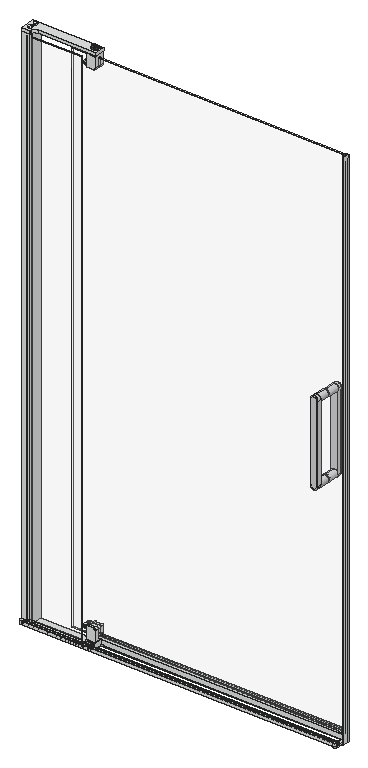
Revit family "Shower-Shower_Door-KOHLER-Revel-K-707546_1", category Specialty Equipment, host Face, Revit 2022
Family settings
  Host = Face
  Round Connector Dimension = Use Diameter
  Part Type = Normal
  OmniClass Number = 23.31.17.17
  OmniClass Title = Shower Enclosures
  Cut with Voids When Loaded = No
  Maintain Annotation Orientation = No
  Shared = No
  Room Calculation Point = No
Parameters (values of type "Clear Glass, SHP-Bright Polished Silver")
  Width [instance] = 8.18898" + Walk Thru + 1.5748"  # 44.01378"
  WaterSense Certified = 1 = 0  # no
  Walk Thru [instance] = 34 1/4"
  URL = "https://www.us.kohler.com/us/"
  Type = 3
  Secondary Finish = Kohler-Glass-L-Crystal_Clear
  Product Page URL = "http://www.us.kohler.com/us/catalog/productDetails.jsp?productId=707546-L"
  Product Name = "Revel"  # constant formula
  Product Documentation Link = "https://www.us.kohler.com/webassets/kpna/catalog/pdf/en/K-707546-L_spec_US-CA_Kohler_en.pdf"
  Model = if(Type = 1, "K-707546-L-ABZ", if(Type = 2, "K-707546-L-BNK", if(Type = 3, "K-707546-L-SHP", if(Type = 4, "K-707546-D3-ABZ", if(Type = 5, "K-707546-D3-BNK", if(Type = 6, "K-707546-D3-SHP", "NA"))))))  # "K-707546-L-SHP"
  Material = "Premium Metal Construction"  # constant formula
  Master Format 2014 Name = "Shower Doors"  # constant formula
  Master Format 2014 = "10 28 19.16"  # constant formula
  Manufacturer Address = "444 Highland Dr, Kohler, WI 53044"  # constant formula
  Manufacturer = "Kohler Co."  # constant formula
  Length = 4 7/64"  # constant formula
  Height = 74.01575"  # constant formula
  Handle Finish = Kohler-Metal-CP-Polished_Chrome
  Finish = Kohler-Metal-SHP-Bright_Polished_Silver
  Environmental Product Declaration = ""
  Description = if(or(Type < 4), "Pivot shower door, 74 inch H x 39-1/8 - 44 inch W, with 5/16 inch thick Crystal Clear glass", "Pivot shower door, 74 inch H x 39-1/8 - 44 inch W, with 5/16 inch thick Frosted glass")  # "Pivot shower door, 74 inch H x 39-1/8 - 44 inch W, with 5/16 inch thick Crystal Clear glass"
  Default Elevation = 4"
  Declare Label = ""
  Date Modified = "06/22/2022"  # constant formula
  Date Created = "06/22/2022"  # constant formula
  Copyright = "Copyright Kohler Co."  # constant formula
  Contact Us = "https://www.us.kohler.com/us/static/contact.jsp"
  Assembly Code = "C1030200"
  ADA Compliant = 1 = 0  # no
Reference planes (in)
  plane 1 "Center (Front/Back)": y = 0
  plane 2: z = 0
  plane 3 "Center (Left/Right)": x = 0
  plane 4: y = 2.10994
  plane 5: y = 0.71149
  plane 6: y = -1.5326
  plane 7: x = -8.29527
  plane 8: y = 0.32149
  plane 9: y = -1.99943
  plane 10: y = -0.55188
  plane 11: x = -15.84581
  plane 12: z = 74.01575
  plane 13: z = 74.38016
  plane 14: z = 73.13257
  plane 15: z = 72.11625
  plane 16: z = 42.95276
  plane 17: z = 42.46063
  plane 18: z = 31.83071
  plane 19: z = 31.33858
  plane 20: z = 2.1635
  plane 21: z = 0.62992
  plane 22: x = -16.48425
  plane 23: x = -6.72047
  plane 24: x = 27.52953
  plane 25: x = 27.14921
  plane 26: z = 72.6811
  plane 27: x = 27.03099
  plane 28: x = 24.57624
Dimensions and locks (in)
  plane 7 to plane 3 "Center (Left/Right)" = 8.29527"
  "Height": plane 12 to level
  "Length": plane 4 to plane 9
  locked: plane 23 to plane 3 "Center (Left/Right)" at 6.72047
  "Walk Thru": plane 23 to plane 24
  locked: plane 27 to plane 24 at 0.49854
  locked: plane 24 to plane 25 at 0.38032
  locked: plane 28 to plane 24 at 2.95329
  plane 19 to level = 31.33858"
  locked: plane 16 to plane 19 at 11.61417
  plane 7 to plane 22 = 8.18898"
  locked: plane 11 to plane 22 at 0.63844
  "Width": plane 24 to plane 22
  locked: plane 13 to plane 12 at 0.36441
  locked: plane 12 to plane 14 at 0.88318
  locked: plane 14 to plane 15 at 1.01632
  locked: plane 18 to plane 19 at 0.49213
  locked: plane 16 to plane 17 at 0.49213
  aligned and locked: plane 2 to host face
  aligned and locked: level to host face
  aligned and locked: plane 3 "Center (Left/Right)" to nested 1
Automatic sketch dimensions
  host sketch curve to host sketch curve = 96"  (x2)
Nested families (in)
  nested 1: "K-707546" at (0, 0, 0), type "K-707546"
Definition of nested family "K-707546"
  Parameters (values of type "K-707546")
    Width = Walk Thru + Distance + 1.5748"  # 44.01575"
    Walk Thru = 34.25197"
    Material = none
    Height = 74.01575"
    Handle Material = none
    Handle Height = 31.33858"
    Glass Material = none
    Distance = 8.18898"
    Default Elevation = 0"
  Reference planes (in)
    plane 1 "Center (Front/Back)": y = 0
    plane 2: z = 0
    plane 3 "Center (Left/Right)": x = 0
    plane 4: x = -16.48425
    plane 5: x = -8.29527
    plane 6 "K": x = 24.5782
    plane 7: z = 74.01575
    plane 8: z = 73.66142
    plane 9 "D": z = 72.11625
    plane 10: z = 31.33858
    plane 11: z = 42.95276
    plane 12: y = 2.10994
    plane 13: y = -1.99772
    plane 14: y = 0.71149
    plane 15: y = -1.5326
    plane 16: z = 0.62992
    plane 17: z = 73.13257
    plane 18: x = -15.84363
    plane 19 "A": y = -0.55188
    plane 20 "B": y = 0.32149
    plane 21 "C": z = 2.1635
    plane 22: z = 72.93572
    plane 23: z = 72.68188
    plane 24: z = 42.46063
    plane 25: z = 31.83071
    plane 26: z = 74.38016
    plane 27: x = -6.72047
    plane 28: x = 27.5315
    plane 29: x = 26.88976
    plane 30: x = 27.38976
    plane 31: x = 27.03295
    plane 32: x = -7.40614
  Forms (in)
    Extrusion 1, solid, material <- "Material", detail levels medium+fine
      sketch origin (0, 0, 0) x (0, 1, 0) y (0, 0, 1)
        loop
          line (-0.27623, 0) -> (0.59855, 0)
          arc (0.59855, 0) -> (0.62415, 0.0106) -> (0.63475, 0.0362) r 0.0362
          line (0.63475, 0.0362) -> (0.63475, 0.21702)
          arc (0.63475, 0.21702) -> (0.62509, 0.24034) -> (0.60177, 0.25) r 0.03298
          line (0.60177, 0.25) -> (-1.2883, 0.25)
          arc (-1.2883, 0.25) -> (-1.3314, 0.26785) -> (-1.34925, 0.31095) r 0.06095
          line (-1.34925, 0.31095) -> (-1.34925, 0.48)
          arc (-1.34925, 0.48) -> (-1.40675, 0.5375) -> (-1.46425, 0.48) r 0.0575
          line (-1.46425, 0.48) -> (-1.46425, 0.26417)
          arc (-1.46425, 0.26417) -> (-1.42954, 0.17607) -> (-1.34408, 0.1353) r 0.12919
          line (-1.34408, 0.1353) -> (-0.30312, 0.06251) -> (-0.30312, 0.0269)
          arc (-0.30312, 0.0269) -> (-0.29525, 0.00788) -> (-0.27623, 0) r 0.0269
      from -16.48425 to -8.02475
    Extrusion 2, solid, material <- "Material", detail levels medium+fine
      sketch origin (0, 0, 0) x (0, 1, 0) y (0, 0, 1)
        loop
          line (-1.46425, 0.06988) -> (-0.33625, -0.00012) -> (-0.33625, 0.06) -> (-1.46425, 0.13) -> (-1.46425, 0.565) -> (-1.33425, 0.565) -> (-1.33425, 0.368)
          arc (-1.33425, 0.368) -> (-1.30425, 0.338) -> (-1.27425, 0.368) r 0.03
          line (-1.27425, 0.368) -> (-1.27425, 0.60686)
          arc (-1.27425, 0.60686) -> (-1.281, 0.62317) -> (-1.29731, 0.62992) r 0.02306
          line (-1.29731, 0.62992) -> (-1.50695, 0.62992)
          arc (-1.50695, 0.62992) -> (-1.52509, 0.62241) -> (-1.5326, 0.60427) r 0.02565
          line (-1.5326, 0.60427) -> (-1.5326, 0) -> (-1.48411, 0)
          arc (-1.48411, 0) -> (-1.47007, 0.00582) -> (-1.46425, 0.01986) r 0.01986
          line (-1.46425, 0.01986) -> (-1.46425, 0.06988)
      from -16.48425 to 27.38976
    Extrusion 3, solid, material <- "Material", detail levels medium+fine
      sketch origin (0, 0, 0) x (0, 1, 0) y (0, 0, 1)
        loop
          line (-1.23023, 0.67187) -> (-1.54853, 0.67187)
          arc (-1.54853, 0.67187) -> (-1.56451, 0.66526) -> (-1.57112, 0.64928) r 0.0226
          line (-1.57112, 0.64928) -> (-1.57112, 0.03588)
          arc (-1.57112, 0.03588) -> (-1.55186, 0.01661) -> (-1.5326, 0.03588) r 0.01926
          line (-1.5326, 0.03588) -> (-1.5326, 0.62992) -> (-1.25863, 0.62992) -> (-1.25862, 0.15799)
          arc (-1.25862, 0.15799) -> (-1.25033, 0.13693) -> (-1.22989, 0.12718) r 0.03089
          line (-1.22989, 0.12718) -> (-0.30312, 0.06237) -> (-0.30312, 0.02652)
          arc (-0.30312, 0.02652) -> (-0.29532, 0.00768) -> (-0.27648, -0.00013) r 0.02664
          line (-0.27648, -0.00013) -> (0.27012, -0.00013)
          arc (0.27012, -0.00013) -> (0.29328, 0.00947) -> (0.30288, 0.03263) r 0.03275
          line (0.30288, 0.03263) -> (0.30288, 0.20868)
          arc (0.30288, 0.20868) -> (0.29449, 0.22892) -> (0.27425, 0.23731) r 0.02863
          line (0.27425, 0.23731) -> (-1.17024, 0.23731)
          arc (-1.17024, 0.23731) -> (-1.19827, 0.24892) -> (-1.20987, 0.27694) r 0.03964
          line (-1.20987, 0.27694) -> (-1.20987, 0.65152)
          arc (-1.20987, 0.65152) -> (-1.21584, 0.66591) -> (-1.23023, 0.67187) r 0.02036
      from 27.38976 to 26.88976
    Extrusion 4, solid, material <- "Material", detail levels medium+fine
      sketch origin (0, 0, 0) x (1, 0, 0) y (0, 1, 0)
        loop
          line (-16.48425, -1.27425) -> (-15.36279, -1.27425) -> (-15.36279, -1.0745) -> (-15.92325, -1.0745)
          arc (-15.92325, -1.0745) -> (-15.95325, -0.95875) -> (-15.92325, -0.843) r 0.2383
          line (-15.92325, -0.843) -> (-15.359, -0.843) -> (-15.359, 0.64608) -> (-16.48425, 0.64608) -> (-16.48425, 0.5658) -> (-16.42405, 0.5658) -> (-16.42405, 0.2641) -> (-16.48425, 0.2641) -> (-16.48425, 0.19996) -> (-16.42405, 0.19996) -> (-16.42405, -0.42903) -> (-16.48425, -0.42903) -> (-16.48425, -0.49326) -> (-16.42405, -0.49326) -> (-16.42405, -1.21125) -> (-16.48425, -1.21125) -> (-16.48425, -1.27425)
      from 0.25 to 73.66142
    Extrusion 5, solid, material <- "Glass Material"
      sketch origin (0, 0, 0) x (1, 0, 0) y (0, 1, 0)
        loop
          arc (-15.92325, -0.843) -> (-15.95325, -0.95875) -> (-15.92325, -1.0745) r 0.2383
          line (-15.92325, -1.0745) -> (-8.32527, -1.0745)
          arc (-8.32527, -1.0745) -> (-8.29527, -0.95875) -> (-8.32527, -0.843) r 0.2383
          line (-8.32527, -0.843) -> (-15.92325, -0.843)
      from 0.625 to 73.13257
    Extrusion 6, solid, material <- "Material"
      sketch origin (0, 0, 0) x (1, 0, 0) y (0, 1, 0)
        loop
          line (-16.48425, -1.33251) -> (-15.3867, -1.33251)
          arc (-15.3867, -1.33251) -> (-15.3224, -1.30588) -> (-15.29577, -1.24158) r 0.09093
          line (-15.29577, -1.24158) -> (-15.29577, -1.16731)
          arc (-15.29577, -1.16731) -> (-15.14469, -0.80256) -> (-14.77993, -0.65147) r 0.51584
          line (-14.77993, -0.65147) -> (-6.73991, -0.65147) -> (-6.73991, 0.71149) -> (-16.48425, 0.71149) -> (-16.48425, -1.33251)
      from 73.66142 to 74.01575
    Revolve 7, solid, detail levels medium+fine
      sketch origin (0, -0.55188, 0) x (0, 0, 1) y (-1, 0, 0)
        loop
          line (74.01575, 15.84363) -> (74.19327, 15.84363)
          arc (74.19327, 15.84363) -> (74.1544, 15.98634) -> (74.04852, 16.08963) r 0.2814
          line (74.04852, 16.08963) -> (74.01575, 16.08963) -> (74.01575, 15.84363)
        axis (74.01575, 15.84363) -> (74.19327, 15.84363)
      angle from 0 to 360
    Revolve 8, solid, detail levels medium+fine
      sketch origin (0, 0.32149, 0) x (0, 0, -1) y (-1, 0, 0)
        loop
          line (-74.01575, 15.84363) -> (-74.01575, 16.08963) -> (-74.04852, 16.08963)
          arc (-74.04852, 16.08963) -> (-74.1544, 15.98634) -> (-74.19327, 15.84363) r 0.2814
          line (-74.19327, 15.84363) -> (-74.01575, 15.84363)
        axis (-74.19327, 15.84363) -> (-74.01575, 15.84363)
      angle from 0 to 360
    Extrusion 9, solid, material <- "Material", detail levels medium+fine
      sketch origin (0, 0, 0) x (0, 1, 0) y (0, 0, 1)
        loop
          line (0.63475, 0) -> (0.63475, 0.625) -> (-0.72263, 0.625)
          arc (-0.72263, 0.625) -> (-0.75489, 0.61164) -> (-0.76825, 0.57938) r 0.04562
          line (-0.76825, 0.57938) -> (-0.76825, 0.31091)
          arc (-0.76825, 0.31091) -> (-0.78609, 0.26784) -> (-0.82916, 0.25) r 0.06091
          line (-0.82916, 0.25) -> (-1.10552, 0.25)
          arc (-1.10552, 0.25) -> (-1.13786, 0.26339) -> (-1.15125, 0.29573) r 0.04573
          line (-1.15125, 0.29573) -> (-1.15125, 0.59003)
          arc (-1.15125, 0.59003) -> (-1.16149, 0.61476) -> (-1.18622, 0.625) r 0.03497
          line (-1.18622, 0.625) -> (-1.24534, 0.625)
          arc (-1.24534, 0.625) -> (-1.2672, 0.61595) -> (-1.27625, 0.59409) r 0.03091
          line (-1.27625, 0.59409) -> (-1.27625, 0.312)
          arc (-1.27625, 0.312) -> (-1.31275, 0.2755) -> (-1.34925, 0.312) r 0.0365
          line (-1.34925, 0.312) -> (-1.34925, 0.48)
          arc (-1.34925, 0.48) -> (-1.40675, 0.5375) -> (-1.46425, 0.48) r 0.0575
          line (-1.46425, 0.48) -> (-1.46425, 0.26028)
          arc (-1.46425, 0.26028) -> (-1.43067, 0.17503) -> (-1.34797, 0.13559) r 0.125
          line (-1.34797, 0.13559) -> (-0.30275, 0.0625) -> (-0.30275, 0.03125)
          arc (-0.30275, 0.03125) -> (-0.2936, 0.00915) -> (-0.2715, 0) r 0.03125
          line (-0.2715, 0) -> (0.63475, 0)
      from -6.76525 to -8.02475
    Extrusion 10, solid, material <- "Material"
      sketch origin (0, 0, 0) x (1, 0, 0) y (0, 0, 1)
        loop
          arc (-6.80462, 0.7535) -> (-6.77678, 0.76503) -> (-6.76525, 0.79287) r 0.03937
          line (-6.76525, 0.79287) -> (-6.76525, 2.20243)
          arc (-6.76525, 2.20243) -> (-6.83527, 2.37148) -> (-7.00432, 2.4415) r 0.23907
          line (-7.00432, 2.4415) -> (-7.77509, 2.4415)
          arc (-7.77509, 2.4415) -> (-7.94491, 2.37116) -> (-8.01525, 2.20134) r 0.24016
          line (-8.01525, 2.20134) -> (-8.01525, 0.79202)
          arc (-8.01525, 0.79202) -> (-8.00397, 0.76478) -> (-7.97673, 0.7535) r 0.03852
          line (-7.97673, 0.7535) -> (-6.80462, 0.7535)
      from -0.699 to 0.6555
    Extrusion 11, void
      sketch origin (0, 0, 0) x (0, 1, 0) y (0, 0, 1)
        loop
          line (-0.223, 1.0975) -> (0.277, 1.0975) -> (0.277, 2.6723) -> (-0.223, 2.6723) -> (-0.223, 1.0975)
      from -8.374 to -5.62598
    Extrusion 12, solid
      sketch origin (0, 0, 0) x (1, 0, 0) y (0, 0, 1)
        loop
          line (-6.78494, 1.0975) -> (-6.78494, 2.20243)
          arc (-6.78494, 2.20243) -> (-6.84919, 2.35756) -> (-7.00432, 2.42181) r 0.21938
          line (-7.00432, 2.42181) -> (-7.77509, 2.42181)
          arc (-7.77509, 2.42181) -> (-7.93099, 2.35724) -> (-7.99556, 2.20134) r 0.22047
          line (-7.99556, 2.20134) -> (-7.99556, 1.0975) -> (-6.78494, 1.0975)
      from -0.277 to 0.223
    Revolve 13, solid, material <- "Material"
      sketch origin (0, 0, 2.1635) x (0, -1, 0) y (1, 0, 0)
        loop
          line (0.3524, -8.32761) -> (-0.39049, -8.32761) -> (-0.39049, -8.59986)
          arc (-0.39049, -8.59986) -> (-0.37874, -8.62823) -> (-0.35037, -8.63998) r 0.04012
          line (-0.35037, -8.63998) -> (-0.17426, -8.63998) -> (-0.17426, -8.59632) -> (-0.13508, -8.59632) -> (-0.13508, -8.48472) -> (0.097, -8.48472) -> (0.097, -8.59632) -> (0.13617, -8.59632) -> (0.13617, -8.63998) -> (0.31228, -8.63998)
          arc (0.31228, -8.63998) -> (0.34065, -8.62823) -> (0.3524, -8.59986) r 0.04012
          line (0.3524, -8.59986) -> (0.3524, -8.32761)
        axis (0.3524, -8.32761) -> (-0.39049, -8.32761)
      angle from 0 to 360
    Extrusion 14, solid, detail levels medium+fine
      sketch origin (0, 0, 0) x (1, 0, 0) y (0, 0, 1)
        loop
          circle (-7.07775, 1.5975) r 0.18898
        loop
          line (-7.07775, 1.72346) -> (-7.18683, 1.66048) -> (-7.18683, 1.53452) -> (-7.07775, 1.47154) -> (-6.96867, 1.53452) -> (-6.96867, 1.66048) -> (-7.07775, 1.72346)
        loop
          circle (-7.70273, 1.5975) r 0.18898
        loop
          line (-7.70273, 1.72346) -> (-7.81181, 1.66048) -> (-7.81181, 1.53452) -> (-7.70273, 1.47154) -> (-7.59364, 1.53452) -> (-7.59364, 1.66048) -> (-7.70273, 1.72346)
      from -0.64608 to -0.74844
    Revolve 15, solid, material <- "Material"
      sketch origin (0, 0, 72.11625) x (0, -1, 0) y (1, 0, 0)
        loop
          line (0.34548, -8.29527) -> (-0.39741, -8.29527) -> (-0.39741, -8.56752)
          arc (-0.39741, -8.56752) -> (-0.38566, -8.59589) -> (-0.35729, -8.60764) r 0.04012
          line (-0.35729, -8.60764) -> (-0.18118, -8.60764) -> (-0.18118, -8.56398) -> (-0.14201, -8.56398) -> (-0.14201, -8.45238) -> (0.09007, -8.45238) -> (0.09007, -8.56398) -> (0.12925, -8.56398) -> (0.12925, -8.60764) -> (0.30536, -8.60764)
          arc (0.30536, -8.60764) -> (0.33373, -8.59589) -> (0.34548, -8.56752) r 0.04012
          line (0.34548, -8.56752) -> (0.34548, -8.29527)
        axis (0.34548, -8.29527) -> (-0.39741, -8.29527)
      angle from 0 to 360
    Extrusion 16, solid, material <- "Material"
      sketch origin (0, 0, 0) x (0, 1, 0) y (0, 0, 1)
        loop
          arc (-0.097, 1.35312) -> (-0.11537, 1.37299) -> (-0.13662, 1.35624) r 0.01993
          line (-0.13662, 1.35624) -> (-0.1776, 1.0975) -> (0.20316, 1.0975) -> (0.20316, 1.33432)
          arc (0.20316, 1.33432) -> (0.2165, 1.35338) -> (0.23898, 1.34737) r 0.02029
          arc (0.23898, 1.34737) -> (0.2829, 1.29668) -> (0.32829, 1.24731) r 2.26458
          arc (0.32829, 1.24731) -> (0.34709, 1.18966) -> (0.31434, 1.13863) r 0.07073
          arc (0.31434, 1.13863) -> (0.33971, 1.11534) -> (0.37309, 1.12379) r 0.03623
          arc (0.37309, 1.12379) -> (0.42824, 1.15633) -> (0.49187, 1.16351) r 0.15339
          arc (0.49187, 1.16351) -> (0.52099, 1.19696) -> (0.4952, 1.23303) r 0.03577
          arc (0.4952, 1.23303) -> (0.28695, 1.37387) -> (0.20068, 1.61001) r 0.4083
          arc (0.20068, 1.61001) -> (0.17922, 1.64919) -> (0.135, 1.65554) r 0.04994
          line (0.135, 1.65554) -> (0.135, 1.1775)
          arc (0.135, 1.1775) -> (0.019, 1.1475) -> (-0.097, 1.1775) r 0.23927
          line (-0.097, 1.1775) -> (-0.097, 1.35312)
        loop
          line (0.25206, 1.15842) -> (0.26168, 0.02414)
          arc (0.26168, 0.02414) -> (0.28259, 0.00002) -> (0.30569, 0.02205) r 0.02205
          line (0.30569, 0.02205) -> (0.30569, 1.15843)
          arc (0.30569, 1.15843) -> (0.27885, 1.25716) -> (0.25206, 1.15842) r 0.05301
      from -6.76525 to 27.03295
    Extrusion 17, solid, material <- "Material", detail levels medium+fine
      sketch origin (0, 0.32149, 0) x (0, 0, -1) y (-1, 0, 0)
        loop
          arc (-73.49422, 8.033) -> (-73.5177, 8.02327) -> (-73.52743, 7.99979) r 0.03321
          line (-73.52743, 7.99979) -> (-73.52743, 6.8125)
          arc (-73.52743, 6.8125) -> (-73.5177, 6.78902) -> (-73.49422, 6.77929) r 0.03321
          line (-73.49422, 6.77929) -> (-72.08933, 6.77929)
          arc (-72.08933, 6.77929) -> (-71.91084, 6.85322) -> (-71.83691, 7.03171) r 0.25241
          line (-71.83691, 7.03171) -> (-71.83691, 7.78058)
          arc (-71.83691, 7.78058) -> (-71.91084, 7.95907) -> (-72.08933, 8.033) r 0.25241
          line (-72.08933, 8.033) -> (-73.49422, 8.033)
      from -0.97296 to 0.37751
    Extrusion 18, void
      sketch origin (0, 0, 0) x (0, 1, 0) y (0, 0, 1)
        loop
          line (-0.22762, 71.71778) -> (0.23512, 71.71778) -> (0.23512, 73.22772) -> (-0.22762, 73.22772) -> (-0.22762, 71.71778)
      from -8.32527 to -6.37881
    Extrusion 19, solid, detail levels medium+fine
      sketch origin (0, 0, 0) x (1, 0, 0) y (0, 0, 1)
        loop
          line (-7.78058, 71.8566) -> (-7.03171, 71.8566)
          arc (-7.03171, 71.8566) -> (-6.86714, 71.92476) -> (-6.79898, 72.08933) r 0.23273
          line (-6.79898, 72.08933) -> (-6.79898, 73.22772) -> (-8.01331, 73.22772) -> (-8.01331, 72.08933)
          arc (-8.01331, 72.08933) -> (-7.94515, 71.92476) -> (-7.78058, 71.8566) r 0.23273
      from -0.23512 to 0.22762
    Extrusion 20, solid, material <- "Glass Material"
      sketch origin (0, 0, 0) x (1, 0, 0) y (0, 1, 0)
        loop
          arc (27.33209, -0.1605) -> (27.38694, -0.00425) -> (27.33209, 0.152) r 0.25
          line (27.33209, 0.152) -> (-10.36891, 0.152)
          arc (-10.36891, 0.152) -> (-10.42375, -0.00425) -> (-10.36891, -0.1605) r 0.25
          line (-10.36891, -0.1605) -> (27.33209, -0.1605)
      from 1.0975 to 73.13257
    Extrusion 21, solid, detail levels medium+fine
      sketch origin (0, 0, 0) x (1, 0, 0) y (0, 0, 1)
        loop
          circle (-7.09313, 72.6861) r 0.18898
        loop
          line (-7.09313, 72.81206) -> (-7.20221, 72.74908) -> (-7.20221, 72.62312) -> (-7.09313, 72.56014) -> (-6.98404, 72.62312) -> (-6.98404, 72.74908) -> (-7.09313, 72.81206)
        loop
          circle (-7.71992, 72.6861) r 0.18898
        loop
          line (-7.71992, 72.81206) -> (-7.829, 72.74908) -> (-7.829, 72.62312) -> (-7.71992, 72.56014) -> (-7.61083, 72.62312) -> (-7.61083, 72.74908) -> (-7.71992, 72.81206)
      from -0.277 to -0.74844
    Revolve 22, solid, material <- "Handle Material"
      sketch origin (24.5782, 0, 0) x (0, 0, 1) y (0, -1, 0)
        loop
          line (42.46063, -1.59591) -> (42.95276, -1.59591) -> (42.95276, -0.135) -> (42.70487, -0.135) -> (42.70487, 0.097) -> (42.95276, 0.097) -> (42.95276, 1.47495) -> (42.46063, 1.47495) -> (42.46063, -1.59591)
        axis (42.46063, 1.47495) -> (42.46063, -1.59591)
      angle from 0 to 360
    Revolve 23, solid, material <- "Handle Material"
      sketch origin (24.5782, 0, 0) x (0, 0, 1) y (0, -1, 0)
        loop
          line (31.83071, -1.59591) -> (31.83071, 1.47495) -> (31.33858, 1.47495) -> (31.33858, 0.097) -> (31.58646, 0.097) -> (31.58646, -0.135) -> (31.33858, -0.135) -> (31.33858, -1.59591) -> (31.83071, -1.59591)
        axis (31.83071, -1.59591) -> (31.83071, 1.47495)
      angle from 0 to 360
    Sweep 24, solid, material <- "Handle Material", detail levels medium+fine
      path origin (0, 0, 0) x (1, 0, 0) y (0, 0, 1)
        loop
          arc (25.07033, 42.46063) -> (24.5782, 42.95276) -> (24.08608, 42.46063) r 0.49213
          line (24.08608, 42.46063) -> (24.08608, 31.83071)
          arc (24.08608, 31.83071) -> (24.5782, 31.33858) -> (25.07033, 31.83071) r 0.49213
          line (25.07033, 31.83071) -> (25.07033, 42.46063)
      profile origin (24.5782, 0, 42.95276) x (0, 0, -1) y (0, -1, 0)
        loop
          line (0, 1.47495) -> (0.07036, 1.47495) -> (0.07036, 1.99772) -> (0.03819, 1.99772)
          arc (0.03819, 1.99772) -> (0.01119, 1.98653) -> (0, 1.95953) r 0.03819
          line (0, 1.95953) -> (0, 1.47495)
    Extrusion 25, solid, material <- "Handle Material", detail levels medium+fine
      sketch origin (0, 0, 0) x (1, 0, 0) y (0, 0, 1)
        loop
          arc (24.15644, 31.83071) -> (24.5782, 31.40894) -> (24.99997, 31.83071) r 0.42177
          line (24.99997, 31.83071) -> (24.99997, 42.46063)
          arc (24.99997, 42.46063) -> (24.5782, 42.8824) -> (24.15644, 42.46063) r 0.42177
          line (24.15644, 42.46063) -> (24.15644, 31.83071)
      from 1.47495 to 1.99772
    Sweep 26, solid, material <- "Handle Material", detail levels medium+fine
      path origin (0, 0, 0) x (1, 0, 0) y (0, 0, 1)
        loop
          line (25.07033, 31.83071) -> (25.07033, 42.46063)
          arc (25.07033, 42.46063) -> (24.5782, 42.95276) -> (24.08608, 42.46063) r 0.49213
          line (24.08608, 42.46063) -> (24.08608, 31.83071)
          arc (24.08608, 31.83071) -> (24.5782, 31.33858) -> (25.07033, 31.83071) r 0.49213
      profile origin (24.5782, 0, 31.33858) x (0, 0, -1) y (0, -1, 0)
        loop
          line (-0.08322, -1.59591) -> (-0.08322, -2.10994) -> (-0.03596, -2.10994)
          arc (-0.03596, -2.10994) -> (-0.01053, -2.09941) -> (0, -2.07398) r 0.03596
          line (0, -2.07398) -> (0, -1.59591) -> (-0.08322, -1.59591)
    Extrusion 27, solid, material <- "Handle Material", detail levels medium+fine
      sketch origin (0, 0, 0) x (1, 0, 0) y (0, 0, 1)
        loop
          line (24.1693, 42.46063) -> (24.1693, 31.83071)
          arc (24.1693, 31.83071) -> (24.5782, 31.4218) -> (24.98711, 31.83071) r 0.4089
          line (24.98711, 31.83071) -> (24.98711, 42.46063)
          arc (24.98711, 42.46063) -> (24.5782, 42.86953) -> (24.1693, 42.46063) r 0.4089
      from -2.10994 to -1.59591
    Extrusion 28, solid, material <- "Material"
      sketch origin (0, 0, 0) x (1, 0, 0) y (0, 1, 0)
        loop
          circle (-7.40614, 0) r 0.23622
      from 0.565 to 0.7535
    Extrusion 29, void
      sketch origin (0, 0, 0) x (1, 0, 0) y (0, 1, 0)
        loop
          arc (-6.80404, -0.07487) -> (-6.97385, 0.46372) -> (-7.51243, 0.63353) r 0.6115
          arc (-7.51243, 0.63353) -> (-7.63532, 0.45802) -> (-7.45982, 0.33513) r 0.1515
          arc (-7.45982, 0.33513) -> (-7.18811, 0.24946) -> (-7.10243, -0.02225) r 0.3085
          arc (-7.10243, -0.02225) -> (-6.97954, -0.19776) -> (-6.80404, -0.07487) r 0.1515
      from 74.01575 to 73.66142
    Extrusion 30, solid
      sketch origin (0, 0, 0) x (1, 0, 0) y (0, 1, 0)
        loop
          circle (-7.40625, 0.49132) r 0.07731
        loop
          circle (-7.40625, 0.49132) r 0.097
      from 74.01575 to 73.66142
    Extrusion 31, solid, material <- "Handle Material", detail levels coarse
      sketch origin (0, 0, 0) x (1, 0, 0) y (0, 0, 1)
        loop
          line (24.08608, 42.95276) -> (24.08608, 31.33858) -> (25.07033, 31.33858) -> (25.07033, 42.95276) -> (24.08608, 42.95276)
      from 1.47495 to 1.99772
    Extrusion 32, solid, material <- "Handle Material", detail levels coarse
      sketch origin (0, 0, 0) x (1, 0, 0) y (0, 0, 1)
        loop
          line (24.08608, 42.95276) -> (24.08608, 31.33858) -> (25.07033, 31.33858) -> (25.07033, 42.95276) -> (24.08608, 42.95276)
      from -2.10994 to -1.59591
    Extrusion 33, solid, material <- "Material", detail levels coarse
      sketch origin (0, 0, 0) x (1, 0, 0) y (0, 1, 0)
        loop
          line (-15.359, -0.843) -> (-15.359, 0.64608) -> (-16.48425, 0.64608) -> (-16.48425, -1.27425) -> (-15.36279, -1.27425) -> (-15.36279, -1.0745) -> (-15.92325, -1.0745)
          arc (-15.92325, -1.0745) -> (-15.95325, -0.95875) -> (-15.92325, -0.843) r 0.2383
          line (-15.92325, -0.843) -> (-15.359, -0.843)
      from 0 to 73.66142
    Extrusion 34, solid, material <- "Material", detail levels coarse
      sketch origin (24.5782, 0, 0) x (0, 0, 1) y (0, -1, 0)
        loop
          line (0.25, -0.30288) -> (0.25, 1.27425) -> (0.62992, 1.27425) -> (0.62992, 1.5326) -> (0, 1.5326) -> (0, -0.30288) -> (0.25, -0.30288)
      from -41.06245 to 2.81156
    Extrusion 35, solid, material <- "Material"
      sketch origin (0, 0, 0) x (1, 0, 0) y (0, 1, 0)
        loop
          arc (27.5315, 0.28917) -> (27.52257, 0.31074) -> (27.501, 0.31967) r 0.0305
          line (27.501, 0.31967) -> (26.99931, 0.31967)
          arc (26.99931, 0.31967) -> (26.9818, 0.30217) -> (26.99931, 0.28466) r 0.0175
          line (26.99931, 0.28466) -> (27.04618, 0.28466)
          arc (27.04618, 0.28466) -> (27.01593, 0.27075) -> (26.98831, 0.25214) r 0.20599
          arc (26.98831, 0.25214) -> (26.95487, 0.2073) -> (26.94771, 0.15183) r 0.11038
          line (26.94771, 0.15183) -> (27.19804, 0.15183)
          arc (27.19804, 0.15183) -> (27.17378, 0.23382) -> (27.10503, 0.28466) r 0.13461
          line (27.10503, 0.28466) -> (27.46572, 0.28466)
          arc (27.46572, 0.28466) -> (27.48818, 0.27536) -> (27.49748, 0.2529) r 0.03177
          line (27.49748, 0.2529) -> (27.49748, -0.48012) -> (27.4273, -0.48012) -> (27.21789, -0.1617)
          arc (27.21789, -0.1617) -> (27.19481, -0.16372) -> (27.18382, -0.18411) r 0.02441
          line (27.18382, -0.18411) -> (27.40283, -0.51714) -> (27.5315, -0.51714) -> (27.5315, 0.28917)
      from 0 to 72.93572
    Revolve 36, solid
      sketch origin (0, 0, 0) x (1, 0, 0) y (0, 0, 1)
        loop
          line (-7.40614, 73.52743) -> (-7.40614, 74.33455) -> (-7.62158, 74.33455) -> (-7.62158, 74.38016) -> (-7.68448, 74.38016)
          arc (-7.68448, 74.38016) -> (-7.7027, 74.37335) -> (-7.71198, 74.35625) r 0.02777
          line (-7.71198, 74.35625) -> (-7.73118, 74.21965) -> (-7.76575, 74.21965) -> (-7.76575, 74.15665) -> (-7.64133, 74.15665) -> (-7.64133, 73.59021) -> (-8.02821, 73.59021) -> (-8.02821, 73.52743) -> (-7.40614, 73.52743)
        axis (-7.40614, 73.52743) -> (-7.40614, 74.38016)
      angle from 0 to 360
    Extrusion 37, solid, material <- "Material", detail levels coarse
      sketch origin (0, 0.32149, 0) x (0, 0, -1) y (-1, 0, 0)
        loop
          arc (-73.49422, 8.033) -> (-73.5177, 8.02327) -> (-73.52743, 7.99979) r 0.03321
          line (-73.52743, 7.99979) -> (-73.52743, 6.8125)
          arc (-73.52743, 6.8125) -> (-73.5177, 6.78902) -> (-73.49422, 6.77929) r 0.03321
          line (-73.49422, 6.77929) -> (-71.83691, 6.77929) -> (-71.83691, 8.033) -> (-73.49422, 8.033)
      from -0.97296 to 0.37751
  Cuts and joins
    Extrusion 11 cuts Extrusion 10
    Extrusion 18 cuts Extrusion 17
    joined: Sweep 26, Extrusion 27
    joined: Sweep 24, Extrusion 25
    Extrusion 29 cuts Extrusion 6
  Lines and regions (in)
    Masking region 1
      outline origin (0, 0, 0) x (1, 0, 0) y (0, 0, 1)
        loop
          line (-16.48425, 0) -> (27.5315, 0) -> (27.5315, 72.93572) -> (27.38976, 72.93572) -> (27.38976, 73.13257) -> (-6.77929, 73.13257) -> (-6.77929, 73.49422)
          arc (-6.77929, 73.49422) -> (-6.78049, 73.511) -> (-6.78408, 73.52743) r 0.11765
          line (-6.78408, 73.52743) -> (-6.78408, 73.59021) -> (-7.17096, 73.59021) -> (-7.17096, 73.66142) -> (-6.72047, 73.66142) -> (-6.72047, 74.01575) -> (-7.17096, 74.01575) -> (-7.17096, 74.15665) -> (-7.04654, 74.15665) -> (-7.04654, 74.21965) -> (-7.08111, 74.21965) -> (-7.10073, 74.35923)
          arc (-7.10073, 74.35923) -> (-7.10885, 74.3742) -> (-7.1248, 74.38016) r 0.02431
          line (-7.1248, 74.38016) -> (-7.68749, 74.38016)
          arc (-7.68749, 74.38016) -> (-7.70344, 74.3742) -> (-7.71156, 74.35923) r 0.02431
          line (-7.71156, 74.35923) -> (-7.73118, 74.21965) -> (-7.76575, 74.21965) -> (-7.76575, 74.15665) -> (-7.64133, 74.15665) -> (-7.64133, 74.01575) -> (-15.59763, 74.01575) -> (-15.59763, 74.04852)
          arc (-15.59763, 74.04852) -> (-15.70095, 74.1543) -> (-15.84363, 74.19313) r 0.28153
          arc (-15.84363, 74.19313) -> (-15.98631, 74.1543) -> (-16.08963, 74.04852) r 0.28153
          line (-16.08963, 74.04852) -> (-16.08963, 74.01575) -> (-16.48425, 74.01575) -> (-16.48425, 0)
        loop
          line (-15.36279, 73.66142) -> (-15.36279, 73.13257) -> (-8.033, 73.13257) -> (-8.033, 73.49422)
          arc (-8.033, 73.49422) -> (-8.0318, 73.511) -> (-8.02821, 73.52743) r 0.11765
          line (-8.02821, 73.52743) -> (-8.02821, 73.59021) -> (-7.64133, 73.59021) -> (-7.64133, 73.66142) -> (-15.36279, 73.66142)
        loop
          line (-8.29527, 1.0975) -> (-8.29527, 0.62992) -> (-7.64237, 0.62992) -> (-7.64237, 0.7535) -> (-7.97673, 0.7535)
          arc (-7.97673, 0.7535) -> (-8.00397, 0.76478) -> (-8.01525, 0.79202) r 0.03852
          line (-8.01525, 0.79202) -> (-8.01525, 1.0975) -> (-8.29527, 1.0975)
        loop
          line (-7.16992, 0.7535) -> (-7.16992, 0.62992) -> (-6.76525, 0.62992) -> (-6.76525, 0.79287)
          arc (-6.76525, 0.79287) -> (-6.77678, 0.76503) -> (-6.80462, 0.7535) r 0.03937
          line (-6.80462, 0.7535) -> (-7.16992, 0.7535)
    Masking region 2
      outline origin (24.5782, 0, 0) x (0, 0, 1) y (0, -1, 0)
        loop
          line (0, -0.63475) -> (0.21702, -0.63475)
          arc (0.21702, -0.63475) -> (0.24034, -0.62509) -> (0.25, -0.60177) r 0.03298
          line (0.25, -0.60177) -> (0.25, -0.64608) -> (0.7535, -0.64608) -> (0.7535, -0.699) -> (1.40852, -0.699) -> (1.40852, -0.74844) -> (1.78648, -0.74844) -> (1.78648, -0.699) -> (2.4415, -0.699) -> (2.4415, -0.64608) -> (31.33858, -0.64608) -> (31.33858, -2.07057)
          arc (31.33858, -2.07057) -> (31.35011, -2.09841) -> (31.37795, -2.10994) r 0.03937
          line (31.37795, -2.10994) -> (42.91503, -2.10994)
          arc (42.91503, -2.10994) -> (42.94171, -2.09889) -> (42.95276, -2.07222) r 0.03773
          line (42.95276, -2.07222) -> (42.95276, -0.64608) -> (71.83691, -0.64608) -> (71.83691, -0.699) -> (72.49712, -0.699) -> (72.49712, -0.74844) -> (72.87507, -0.74844) -> (72.87507, -0.699) -> (73.52743, -0.699) -> (73.52743, -0.64608) -> (73.66142, -0.64608) -> (73.66142, -0.71149) -> (74.01575, -0.71149) -> (74.01575, -0.56685) -> (74.0484, -0.56685)
          arc (74.0484, -0.56685) -> (74.13848, -0.48776) -> (74.1873, -0.37828) r 0.28036
          line (74.1873, -0.37828) -> (74.21965, -0.3596) -> (74.21965, -0.32484) -> (74.35179, -0.30626)
          arc (74.35179, -0.30626) -> (74.37207, -0.29525) -> (74.38016, -0.27363) r 0.03296
          line (74.38016, -0.27363) -> (74.38016, 0.27363)
          arc (74.38016, 0.27363) -> (74.37207, 0.29525) -> (74.35179, 0.30626) r 0.03296
          line (74.35179, 0.30626) -> (74.21965, 0.32484) -> (74.21965, 0.3596) -> (74.15665, 0.3596) -> (74.15665, 0.23689) -> (74.01575, 0.23689) -> (74.01575, 0.30652) -> (74.0484, 0.30652)
          arc (74.0484, 0.30652) -> (74.15424, 0.40945) -> (74.19311, 0.55188) r 0.28036
          arc (74.19311, 0.55188) -> (74.15424, 0.69431) -> (74.0484, 0.79724) r 0.28036
          line (74.0484, 0.79724) -> (74.01575, 0.79724) -> (74.01575, 1.33251) -> (73.66142, 1.33251) -> (73.66142, 1.27425) -> (42.95276, 1.27425) -> (42.95276, 1.95835)
          arc (42.95276, 1.95835) -> (42.94122, 1.98619) -> (42.91339, 1.99772) r 0.03937
          line (42.91339, 1.99772) -> (31.38047, 1.99772)
          arc (31.38047, 1.99772) -> (31.35085, 1.98545) -> (31.33858, 1.95583) r 0.04189
          line (31.33858, 1.95583) -> (31.33858, 1.27425) -> (0.67187, 1.27425) -> (0.67187, 1.54853)
          arc (0.67187, 1.54853) -> (0.66526, 1.56451) -> (0.64928, 1.57112) r 0.0226
          line (0.64928, 1.57112) -> (0.03587, 1.57112)
          arc (0.03587, 1.57112) -> (0.01661, 1.55186) -> (0.03587, 1.5326) r 0.01926
          line (0.03587, 1.5326) -> (0, 1.5326) -> (0, 1.48411)
          arc (0, 1.48411) -> (0.00582, 1.47007) -> (0.01986, 1.46425) r 0.01986
          line (0.01986, 1.46425) -> (0.06988, 1.46425) -> (-0.00012, 0.33625) -> (0.06, 0.33625) -> (0.13, 1.46425) -> (0.26417, 1.46425)
          arc (0.26417, 1.46425) -> (0.17607, 1.42954) -> (0.1353, 1.34408) r 0.12919
          line (0.1353, 1.34408) -> (0.06251, 0.30313) -> (0.0269, 0.30313)
          arc (0.0269, 0.30313) -> (0.00788, 0.29525) -> (0, 0.27623) r 0.0269
          line (0, 0.27623) -> (0, -0.63475)
        loop
          arc (0.48, 1.46425) -> (0.5375, 1.40675) -> (0.48, 1.34925) r 0.0575
          line (0.48, 1.34925) -> (0.312, 1.34925)
          arc (0.312, 1.34925) -> (0.2755, 1.31275) -> (0.312, 1.27625) r 0.0365
          line (0.312, 1.27625) -> (0.35723, 1.27625)
          arc (0.35723, 1.27625) -> (0.3385, 1.30973) -> (0.368, 1.33425) r 0.03
          line (0.368, 1.33425) -> (0.565, 1.33425) -> (0.565, 1.46425) -> (0.48, 1.46425)
        loop
          line (32.32079, 1.47495) -> (32.32079, 1.27425) -> (41.9685, 1.27425) -> (41.9685, 1.47495) -> (32.32079, 1.47495)
        loop
          line (41.9685, -1.59591) -> (41.9685, -0.64608) -> (32.32283, -0.64608) -> (32.32283, -1.59591) -> (41.9685, -1.59591)
    Masking region 3
      outline origin (0, 0, 0) x (1, 0, 0) y (0, 1, 0)
        loop
          line (-16.48425, -1.5326) -> (24.08608, -1.5326) -> (24.08608, -1.94529)
          arc (24.08608, -1.94529) -> (24.10143, -1.98236) -> (24.1385, -1.99772) r 0.05243
          line (24.1385, -1.99772) -> (24.5782, -1.99772) -> (25.01791, -1.99772)
          arc (25.01791, -1.99772) -> (25.05498, -1.98236) -> (25.07033, -1.94529) r 0.05243
          line (25.07033, -1.94529) -> (25.07033, -1.5326) -> (26.88976, -1.5326) -> (26.88976, -1.57112) -> (27.38976, -1.57112) -> (27.38976, -0.51714) -> (27.5315, -0.51714) -> (27.5315, 0.28917)
          arc (27.5315, 0.28917) -> (27.52257, 0.31074) -> (27.501, 0.31967) r 0.0305
          line (27.501, 0.31967) -> (27.03295, 0.31967) -> (27.03295, 0.52103) -> (25.07033, 0.52103) -> (25.07033, 2.07301)
          arc (25.07033, 2.07301) -> (25.05951, 2.09912) -> (25.0334, 2.10994) r 0.03693
          line (25.0334, 2.10994) -> (24.12301, 2.10994)
          arc (24.12301, 2.10994) -> (24.0969, 2.09912) -> (24.08608, 2.07301) r 0.03693
          line (24.08608, 2.07301) -> (24.08608, 0.52103) -> (-6.72047, 0.52103) -> (-6.72047, 0.71149) -> (-6.88877, 0.71149) -> (-6.88877, 0.74844) -> (-7.2807, 0.74844) -> (-7.2807, 0.71149) -> (-7.51519, 0.71149) -> (-7.51519, 0.74844) -> (-7.90889, 0.74844) -> (-7.90889, 0.71149) -> (-16.48425, 0.71149) -> (-16.48425, -1.5326)
        loop
          line (24.08608, -0.33625) -> (24.08608, -0.1776) -> (-6.72047, -0.1776) -> (-6.72047, -0.33625) -> (24.08608, -0.33625)
        loop
          line (25.07033, -0.33625) -> (26.88976, -0.33625) -> (26.88976, -0.1776) -> (25.07033, -0.1776) -> (25.07033, -0.33625)
        loop
          line (27.38976, 0.28466) -> (27.38976, 0.10898) -> (27.38976, -0.42305) -> (27.4273, -0.48012) -> (27.49748, -0.48012) -> (27.49748, 0.2529)
          arc (27.49748, 0.2529) -> (27.48818, 0.27536) -> (27.46572, 0.28466) r 0.03177
          line (27.46572, 0.28466) -> (27.38976, 0.28466)
    symbolic lines, detail levels medium+fine
      curve 1: line (-16.08963, 0, 74.01575) -> (-15.59763, 0, 74.01575)
      curve 2: line (-16.08963, 0, 74.04852) -> (-15.59763, 0, 74.04852)
      curve 3: line (-16.48425, 0, 73.66142) -> (-15.359, 0, 73.66142)
      curve 4: line (-15.36279, 0, 73.13257) -> (-15.36279, 0, 0.62992)
      curve 5: line (-8.29527, 0, 0.62992) -> (-16.48425, 0, 0.62992)
      curve 6: line (-8.29527, 0, 73.13257) -> (-8.29527, 0, 1.0975)
      curve 7: line (-8.01525, 0, 1.0975) -> (-8.01525, 0, 2.20134)
      curve 8: arc (-7.77509, 0, 2.4415) -> (-7.94491, 0, 2.37116) -> (-8.01525, 0, 2.20134) r 0.24016
      curve 9: line (-7.00432, 0, 2.4415) -> (-7.77509, 0, 2.4415)
      curve 10: arc (-6.76525, 0, 2.20243) -> (-6.83527, 0, 2.37148) -> (-7.00432, 0, 2.4415) r 0.23907
      curve 11: line (-6.76525, 0, 2.20243) -> (-6.76525, 0, 0.79287)
      curve 12: line (-7.64237, 0, 0.7535) -> (-7.16511, 0, 0.7535)
      curve 13: line (-7.64237, 0, 0.62992) -> (-7.16992, 0, 0.62992)
      curve 14: arc (-8.29527, 0, 1.85282) -> (-8.01525, 0, 2.1635) -> (-8.29527, 0, 2.47418) r 0.31236
      curve 15: line (-6.76525, 0, 0.62992) -> (26.88976, 0, 0.62992)
      curve 16: line (26.88976, 0, -0.00013) -> (26.88976, 0, 0.62992)
      curve 17: line (26.88976, 0, 0.67187) -> (27.38976, 0, 0.67187)
      curve 18: line (26.88976, 0, 0.67187) -> (26.88976, 0, 0.49938)
      curve 19: line (-6.76525, 0, 1.0975) -> (27.18382, 0, 1.0975)
      curve 20: line (-7.64133, 0, 73.66142) -> (-7.17096, 0, 73.66142)
      curve 21: line (-7.64133, 0, 73.59021) -> (-7.17096, 0, 73.59021)
      curve 22: line (-8.02821, 0, 73.52743) -> (-6.78408, 0, 73.52743)
      curve 23: line (-7.64133, 0, 74.01575) -> (-7.17096, 0, 74.01575)
      curve 24: line (-7.64133, 0, 74.15665) -> (-7.17096, 0, 74.15665)
      curve 25: line (-7.73118, 0, 74.21965) -> (-7.08111, 0, 74.21965)
      curve 26: line (24.08608, 0, 42.46063) -> (24.08608, 0, 31.83071)
      curve 27: line (25.07033, 0, 31.83071) -> (25.07033, 0, 42.46063)
      curve 28: arc (25.07033, 0, 42.46063) -> (24.5782, 0, 42.95276) -> (24.08608, 0, 42.46063) r 0.49213
      curve 29: arc (25.07033, 0, 31.83071) -> (24.5782, 0, 31.33858) -> (24.08608, 0, 31.83071) r 0.49213
      curve 30: line (-7.78058, 0, 71.83691) -> (-7.03171, 0, 71.83691)
      curve 31: arc (-7.78058, 0, 71.83691) -> (-7.95907, 0, 71.91084) -> (-8.033, 0, 72.08933) r 0.25241
      curve 32: arc (-6.77929, 0, 72.08933) -> (-6.85322, 0, 71.91084) -> (-7.03171, 0, 71.83691) r 0.25241
      curve 33: line (-8.033, 0, 72.08933) -> (-8.033, 0, 73.13257)
      curve 34: line (-6.77929, 0, 72.08933) -> (-6.77929, 0, 73.13257)
      curve 35: arc (-8.033, 0, 72.2859) -> (-8.14598, 0, 72.39062) -> (-8.29527, 0, 72.42861) r 0.31236
      curve 36: arc (-8.29527, 0, 71.80388) -> (-8.12638, 0, 71.85348) -> (-8.01112, 0, 71.98653) r 0.31236
      curve 37: line (24.5782, 0.60177, 0.25) -> (24.5782, -1.27425, 0.25)
      curve 38: line (24.5782, -1.27425, 0.25) -> (24.5782, -1.27425, 0.67187)
      curve 39: arc (24.5782, -1.27425, 0.60686) -> (24.5782, -1.281, 0.62317) -> (24.5782, -1.29731, 0.62992) r 0.02306
      curve 40: line (24.5782, -1.27425, 0.62992) -> (24.5782, -1.5326, 0.62992)
      curve 41: arc (24.5782, -1.50695, 0.62992) -> (24.5782, -1.52509, 0.62241) -> (24.5782, -1.5326, 0.60427) r 0.02565
      curve 42: line (24.5782, -1.5326, 0.62992) -> (24.5782, -1.5326, 0)
      curve 43: line (24.5782, -1.46425, 0.26028) -> (24.5782, -1.46425, 0.48)
      curve 44: line (24.5782, -1.46425, 0.13) -> (24.5782, -1.46425, 0.06988)
      curve 45: line (24.5782, 0.64608, 0.7535) -> (24.5782, 0.64608, 2.4415)
      curve 46: line (24.5782, 0.699, 1.40852) -> (24.5782, 0.699, 1.78648)
      curve 47: line (24.5782, 0.5658, 73.66142) -> (24.5782, 0.5658, 0.25)
      curve 48: line (24.5782, 0.2641, 0.25) -> (24.5782, 0.2641, 73.66142)
      curve 49: line (24.5782, 0.19996, 73.66142) -> (24.5782, 0.19996, 0.25)
      curve 50: line (24.5782, -0.42903, 0.25) -> (24.5782, -0.42903, 73.66142)
      curve 51: line (24.5782, -0.49326, 73.66142) -> (24.5782, -0.49326, 0.25)
      curve 52: line (24.5782, -1.21125, 0.25) -> (24.5782, -1.21125, 73.66142)
      curve 53: line (24.5782, 0.64608, 31.33858) -> (24.5782, 0.64608, 32.32283)
      curve 54: line (24.5782, -1.27425, 31.33858) -> (24.5782, -1.27425, 32.32079)
      curve 55: line (24.5782, 1.59591, 32.32283) -> (24.5782, 1.59591, 31.33858)
      curve 56: line (24.5782, -1.47495, 32.32079) -> (24.5782, -1.47495, 31.33858)
      curve 57: line (24.5782, 0.64608, 41.9685) -> (24.5782, 0.64608, 42.95276)
      curve 58: line (24.5782, 1.59591, 41.9685) -> (24.5782, 1.59591, 42.95276)
      curve 59: line (24.5782, -1.27425, 41.9685) -> (24.5782, -1.27425, 42.95276)
      curve 60: line (24.5782, -1.47495, 41.9685) -> (24.5782, -1.47495, 42.95276)
      curve 61: line (24.5782, 0.64608, 71.83691) -> (24.5782, 0.64608, 73.52743)
      curve 62: line (24.5782, 0.699, 72.49712) -> (24.5782, 0.699, 72.87507)
      curve 63: line (24.5782, 0.64608, 73.66142) -> (24.5782, -1.27425, 73.66142)
      curve 64: line (24.5782, 0.56685, 74.01575) -> (24.5782, -0.23689, 74.01575)
      curve 65: line (24.5782, -0.30652, 74.01575) -> (24.5782, -0.79724, 74.01575)
      curve 66: line (24.5782, -0.30652, 74.0484) -> (24.5782, -0.79724, 74.0484)
      curve 67: line (24.5782, 0.07518, 74.01575) -> (24.5782, 0.07518, 74.0484)
      curve 68: line (24.5782, 0.07518, 74.0484) -> (24.5782, 0.56685, 74.0484)
      curve 69: arc (24.5782, 0.37828, 74.1873) -> (24.5782, 0.20368, 74.16815) -> (24.5782, 0.07518, 74.0484) r 0.2788
      curve 70: line (24.5782, -0.32484, 74.21965) -> (24.5782, 0.32504, 74.21965)
      curve 71: line (24.5782, -0.23519, 74.15665) -> (24.5782, 0.18131, 74.15665)
      curve 72: circle (-15.84363, 0.32149, 0) r 0.246 normal (0, 0, 1)
      curve 73: circle (-15.84363, -0.55188, 0) r 0.246 normal (0, 0, -1)
      curve 74: line (-7.90889, 0.71149, 0) -> (-7.51519, 0.71149, 0)
      curve 75: line (-7.2807, 0.71149, 0) -> (-6.88877, 0.71149, 0)
      curve 76: line (-6.72047, -0.22567, 0) -> (-6.72047, 0.52103, 0)
      curve 77: line (-6.72047, -0.33625, 0) -> (-6.72047, -0.65147, 0)
      curve 78: line (-6.72047, -0.65147, 0) -> (-14.77993, -0.65147, 0)
      curve 79: arc (-15.29577, -1.16731, 0) -> (-15.14469, -0.80256, 0) -> (-14.77993, -0.65147, 0) r 0.51584
      curve 80: line (-16.48425, -1.33251, 0) -> (-15.3867, -1.33251, 0)
      curve 81: arc (-15.3867, -1.33251, 0) -> (-15.3224, -1.30588, 0) -> (-15.29577, -1.24158, 0) r 0.09093
      curve 82: line (-15.29577, -1.24158, 0) -> (-15.29577, -1.16731, 0)
      curve 83: line (-8.32527, -0.843, 0) -> (-15.18107, -0.843, 0)
      curve 84: line (-15.28735, -1.0745, 0) -> (-8.32527, -1.0745, 0)
      curve 85: arc (-8.32527, -1.0745, 0) -> (-8.29527, -0.95875, 0) -> (-8.32527, -0.843, 0) r 0.2383
      curve 86: line (-6.76525, -0.65147, 0) -> (-6.76525, -1.27425, 0)
      curve 87: line (-8.02475, -1.27425, 0) -> (-8.02475, -0.65147, 0)
      curve 88: line (-15.30184, -1.27425, 0) -> (24.08608, -1.27425, 0)
      curve 89: line (-8.02475, -0.76825, 0) -> (-6.76525, -0.76825, 0)
      curve 90: line (-8.02475, -1.15125, 0) -> (-6.76525, -1.15125, 0)
      curve 91: arc (-7.62158, 0, 0) -> (-7.40614, 0.21543, 0) -> (-7.19071, 0, 0) r 0.21543
      curve 92: arc (-7.19071, 0, 0) -> (-7.40614, -0.21543, 0) -> (-7.62158, 0, 0) r 0.21543
      curve 93: arc (-7.76575, 0, 0) -> (-7.40614, 0.3596, 0) -> (-7.04654, 0, 0) r 0.3596
      curve 94: arc (-7.04654, 0, 0) -> (-7.40614, -0.3596, 0) -> (-7.76575, 0, 0) r 0.3596
      curve 95: circle (-7.40614, 0, 0) r 0.32504 normal (0, 0, 1)
      curve 96: line (-7.43499, 0.1285, 0) -> (-7.43499, 0.02884, 0)
      curve 97: line (-7.43499, 0.1285, 0) -> (-7.3773, 0.1285, 0)
      curve 98: line (-7.43499, -0.1285, 0) -> (-7.3773, -0.1285, 0)
      curve 99: line (-7.3773, 0.1285, 0) -> (-7.3773, 0.02884, 0)
      curve 100: line (-7.27764, 0.02884, 0) -> (-7.3773, 0.02884, 0)
      curve 101: line (-7.27764, 0.02884, 0) -> (-7.27764, -0.02884, 0)
      curve 102: line (-7.53464, 0.02884, 0) -> (-7.53464, -0.02884, 0)
      curve 103: line (-7.27764, -0.02884, 0) -> (-7.3773, -0.02884, 0)
      curve 104: line (-7.43499, -0.02884, 0) -> (-7.43499, -0.1285, 0)
      curve 105: line (-7.43499, 0.02884, 0) -> (-7.53464, 0.02884, 0)
      curve 106: line (-7.3773, -0.02884, 0) -> (-7.3773, -0.1285, 0)
      curve 107: line (-7.43499, -0.02884, 0) -> (-7.53464, -0.02884, 0)
      curve 108: line (-15.88036, 0.45572, 0) -> (-15.88036, 0.35822, 0)
      curve 109: line (-15.88036, 0.45572, 0) -> (-15.8069, 0.45572, 0)
      curve 110: line (-15.8069, 0.45572, 0) -> (-15.8069, 0.35822, 0)
      curve 111: line (-15.88036, 0.18726, 0) -> (-15.8069, 0.18726, 0)
      curve 112: line (-15.7094, 0.35822, 0) -> (-15.8069, 0.35822, 0)
      curve 113: line (-15.7094, 0.35822, 0) -> (-15.7094, 0.28476, 0)
      curve 114: line (-15.7094, 0.28476, 0) -> (-15.8069, 0.28476, 0)
      curve 115: line (-15.97785, 0.35822, 0) -> (-15.97785, 0.28476, 0)
      curve 116: line (-15.88036, 0.35822, 0) -> (-15.97785, 0.35822, 0)
      curve 117: line (-15.88036, 0.28476, 0) -> (-15.88036, 0.18726, 0)
      curve 118: line (-15.8069, 0.28476, 0) -> (-15.8069, 0.18726, 0)
      curve 119: line (-15.88036, 0.28476, 0) -> (-15.97785, 0.28476, 0)
      curve 120: line (-15.88036, -0.41765, 0) -> (-15.88036, -0.51515, 0)
      curve 121: line (-15.88036, -0.41765, 0) -> (-15.8069, -0.41765, 0)
      curve 122: line (-15.8069, -0.41765, 0) -> (-15.8069, -0.51515, 0)
      curve 123: line (-15.88036, -0.68611, 0) -> (-15.8069, -0.68611, 0)
      curve 124: line (-15.7094, -0.51515, 0) -> (-15.8069, -0.51515, 0)
      curve 125: line (-15.7094, -0.51515, 0) -> (-15.7094, -0.58861, 0)
      curve 126: line (-15.7094, -0.58861, 0) -> (-15.8069, -0.58861, 0)
      curve 127: line (-15.97785, -0.51515, 0) -> (-15.97785, -0.58861, 0)
      curve 128: line (-15.88036, -0.51515, 0) -> (-15.97785, -0.51515, 0)
      curve 129: line (-15.88036, -0.58861, 0) -> (-15.88036, -0.68611, 0)
      curve 130: line (-15.8069, -0.58861, 0) -> (-15.8069, -0.68611, 0)
      curve 131: line (-15.88036, -0.58861, 0) -> (-15.97785, -0.58861, 0)
      curve 132: line (-6.72047, 0.20225, 0) -> (24.08608, 0.20225, 0)
      curve 133: line (24.08608, 0.52103, 0) -> (24.08608, 0.152, 0)
      curve 134: line (25.07033, 0.52103, 0) -> (25.07033, 0.152, 0)
      curve 135: line (24.08608, -1.5326, 0) -> (24.08608, -0.33625, 0)
      curve 136: line (25.07033, -1.5326, 0) -> (25.07033, -0.33625, 0)
      curve 137: line (24.08608, -1.47495, 0) -> (25.07033, -1.47495, 0)
      curve 138: line (24.08608, 1.59591, 0) -> (25.07033, 1.59591, 0)
      curve 139: line (25.07033, 0.20136, 0) -> (26.95266, 0.20136, 0)
      curve 140: arc (-6.80404, -0.07487, 0) -> (-6.97385, 0.46372, 0) -> (-7.51243, 0.63353, 0) r 0.6115
      curve 141: arc (-7.51243, 0.63353, 0) -> (-7.63743, 0.49199, 0) -> (-7.52737, 0.33855, 0) r 0.1515
      curve 142: arc (-7.0746, -0.13925, 0) -> (-6.91817, -0.19594, 0) -> (-6.80404, -0.07487, 0) r 0.1515
      curve 143: arc (-7.30925, 0.49132, 0) -> (-7.40625, 0.58832, 0) -> (-7.50325, 0.49132, 0) r 0.097
      curve 144: arc (-7.48356, 0.49132, 0) -> (-7.40625, 0.56863, 0) -> (-7.32893, 0.49132, 0) r 0.07731
      curve 145: arc (-7.32893, 0.49132, 0) -> (-7.40625, 0.414, 0) -> (-7.48356, 0.49132, 0) r 0.07731
      curve 146: arc (-7.50325, 0.49132, 0) -> (-7.40625, 0.39432, 0) -> (-7.30925, 0.49132, 0) r 0.097
      curve 147: line (27.33209, 0.152, 0) -> (-6.72047, 0.152, 0)
      curve 148: line (-6.72047, -0.1605, 0) -> (27.33209, -0.1605, 0)
      curve 149: line (27.47665, 0, 0) -> (27.47665, 0, 72.93572)
      curve 150: line (26.88976, -1.5326, 0) -> (26.88976, -0.33625, 0)
      curve 151: line (25.07033, -1.27425, 0) -> (26.88976, -1.27425, 0)
      curve 152: line (26.88976, -1.20987, 0) -> (27.38976, -1.20987, 0)
      curve 153: line (27.38976, 0.28466, 0) -> (27.10503, 0.28466, 0)
      curve 154: arc (27.19805, 0.152, 0) -> (27.17373, 0.23389, 0) -> (27.10503, 0.28466, 0) r 0.13461
      curve 155: arc (27.04618, 0.28466, 0) -> (27.01593, 0.27075, 0) -> (26.98831, 0.25214, 0) r 0.20599
      curve 156: arc (26.98831, 0.25214, 0) -> (26.9549, 0.20738, 0) -> (26.94768, 0.152, 0) r 0.11038
      curve 157: arc (26.99931, 0.31967, 0) -> (26.9818, 0.30217, 0) -> (26.99931, 0.28466, 0) r 0.0175
      curve 158: line (26.99931, 0.28466, 0) -> (27.04618, 0.28466, 0)
      curve 159: line (26.99931, 0.31967, 0) -> (27.03295, 0.31967, 0)
      curve 160: arc (27.33209, -0.1605, 0) -> (27.38694, -0.00425, 0) -> (27.33209, 0.152, 0) r 0.25
      curve 161: line (27.38976, -0.42305, 0) -> (27.2171, -0.1605, 0)
      curve 162: line (27.40283, -0.51714, 0) -> (27.18382, -0.18411, 0)
      curve 163: arc (27.2144, -0.1605, 0) -> (27.19331, -0.16479, 0) -> (27.18382, -0.18411, 0) r 0.02441
      curve 164: line (27.04618, 0.28466, 0) -> (27.10503, 0.28466, 0)
      curve 165: line (27.18382, 0, 72.93572) -> (27.38976, 0, 72.93572)
      curve 166: line (27.18382, 0, 0.67187) -> (27.18382, 0, 72.93572)
      curve 167: line (27.38976, 0, 0.67187) -> (27.38976, 0, 0)
      curve 168: line (26.94771, 0, 0.67187) -> (26.94771, 0, 1.0975)
  Dimensions and locks (in)
    "Distance": plane 4 to plane 5
    locked: plane 3 "Center (Left/Right)" to plane 5 at 8.29527
    "Height": plane 7 to level
    locked: plane 7 to plane 8 at 0.35433
    locked: plane 8 to plane 9 "D" at 1.54517
    "Handle Height": plane 10 to level
    locked: plane 11 to plane 10 at 11.61417
    plane 13 to plane 12 = 4.10766"
    locked: plane 14 to plane 15 at 2.24409
    plane 16 to level = 0.62992"
    locked: plane 17 to plane 8 at 0.52885
    locked: plane 4 to plane 18 at 0.64062
    locked: Extrusion 6 sketch curve to plane 3 "Center (Left/Right)" at 6.73991
    locked: Extrusion 17 sketch curve to Extrusion 17 sketch curve at 1.69052
    locked: plane 8 to Extrusion 17 sketch curve at 0.13399
    locked: Extrusion 18 sketch curve to Extrusion 18 sketch curve at 1.50994
    locked: Extrusion 18 sketch curve to plane 17 at 0.09514
    locked: plane 7 to plane 22 at 1.08003
    locked: plane 23 to plane 7 at 1.33386
    locked: plane 11 to plane 24 at 0.49213
    locked: plane 25 to plane 10 at 0.49213
    locked: plane 26 to plane 7 at 0.36441
    plane 27 to plane 5 = 1.5748"
    locked: plane 27 to plane 5 at 1.5748
    "Walk Thru": plane 28 to plane 27
    locked: plane 6 "K" to plane 28 at 2.95329
    locked: plane 28 to plane 29 at 0.64173
    locked: plane 28 to plane 30 at 0.14173
    locked: plane 31 to plane 6 "K" at 2.45475
    locked: Extrusion 20 sketch curve to plane 28 at 0.14456
    locked: Extrusion 37 sketch curve to Extrusion 37 sketch curve at 1.69052
    plane 11 to plane 24 = 0.49213"
    aligned and locked: plane 2 to level
    aligned and locked: plane 4 to Extrusion 1
    aligned and locked: plane 4 to Extrusion 2
    aligned and locked: Extrusion 4 sketch curve to plane 4
    aligned and locked: plane 8 to Extrusion 4
    aligned and locked: plane 17 to Extrusion 5
    aligned and locked: Extrusion 6 sketch curve to plane 4
    aligned and locked: plane 7 to Extrusion 6
    aligned and locked: Extrusion 6 to plane 8
    aligned and locked: plane 7 to Revolve 7 sketch curve
    aligned and locked: Revolve 7 sketch curve to plane 18  (x2)
    aligned and locked: Revolve 8 sketch curve to plane 18
    aligned and locked: plane 7 to Revolve 8 sketch curve
    aligned and locked: plane 18 to Revolve 8 sketch curve
    aligned and locked: cut or joined group of Extrusion 17, Extrusion 18 to Extrusion 19 sketch curve
    aligned and locked: plane 17 to Extrusion 20
    aligned and locked: Revolve 22 sketch curve to plane 11
    aligned and locked: Revolve 22 sketch curve to plane 24
    aligned and locked: plane 24 to Revolve 22 sketch curve
    aligned and locked: Revolve 23 sketch curve to plane 10  (x2)
    aligned and locked: Revolve 23 sketch curve to plane 25  (x2)
    aligned and locked: Sweep 24 sketch curve to Revolve 22
    aligned and locked: Sweep 24 sketch curve to Revolve 23
    aligned and locked: Extrusion 25 sketch curve to Sweep 24  (x2)
    aligned and locked: Sweep 26 sketch curve to Revolve 23
    aligned and locked: Sweep 26 sketch curve to Revolve 22
    aligned and locked: Extrusion 27 sketch curve to Sweep 26  (x2)
    aligned and locked: Masking region 1 sketch curve to plane 4
    aligned and locked: Masking region 1 sketch curve to plane 7
    aligned and locked: Extrusion 6 to Masking region 1 sketch curve
    aligned and locked: Extrusion 4 to Masking region 1 sketch curve
    aligned and locked: Masking region 1 sketch curve to plane 17
    aligned and locked: curve 28 to Revolve 22
    aligned and locked: curve 29 to Revolve 23
    aligned and locked: plane 10 to Masking region 2 sketch curve
    aligned and locked: plane 7 to Masking region 2 sketch curve
    aligned and locked: plane 26 to Masking region 2 sketch curve
    aligned and locked: plane 8 to Masking region 2 sketch curve
    aligned and locked: Masking region 3 sketch curve to plane 4
    aligned and locked: curve 72 to Revolve 8
    aligned and locked: curve 73 to Revolve 7
    aligned and locked: curve 79 to Extrusion 6
    aligned and locked: Extrusion 6 to Extrusion 29  (x2)
    aligned and locked: cut or joined group of Extrusion 6, Extrusion 29 to Extrusion 30
    aligned and locked: Extrusion 31 sketch curve to curve 26
    aligned and locked: Extrusion 31 sketch curve to curve 27
    aligned and locked: Extrusion 31 sketch curve to plane 11
    aligned and locked: Extrusion 31 sketch curve to plane 10
    aligned and locked: Extrusion 32 sketch curve to Extrusion 31  (x2)
    aligned and locked: Extrusion 32 sketch curve to plane 11
    aligned and locked: Extrusion 32 sketch curve to plane 10
    aligned and locked: Extrusion 33 sketch curve to Extrusion 4  (x2)
    aligned and locked: Extrusion 33 sketch curve to plane 4
    aligned and locked: plane 8 to Extrusion 33
    aligned and locked: plane 4 to Extrusion 34
    aligned and locked: plane 27 to Masking region 1 sketch curve
    aligned and locked: plane 29 to Extrusion 3
    aligned and locked: curve 16 to plane 29
    aligned and locked: plane 29 to curve 18
    aligned and locked: plane 30 to Extrusion 3
    aligned and locked: plane 30 to Extrusion 34
    aligned and locked: plane 30 to Extrusion 2
    aligned and locked: plane 31 to Extrusion 16
    aligned and locked: Masking region 3 sketch curve to plane 29
